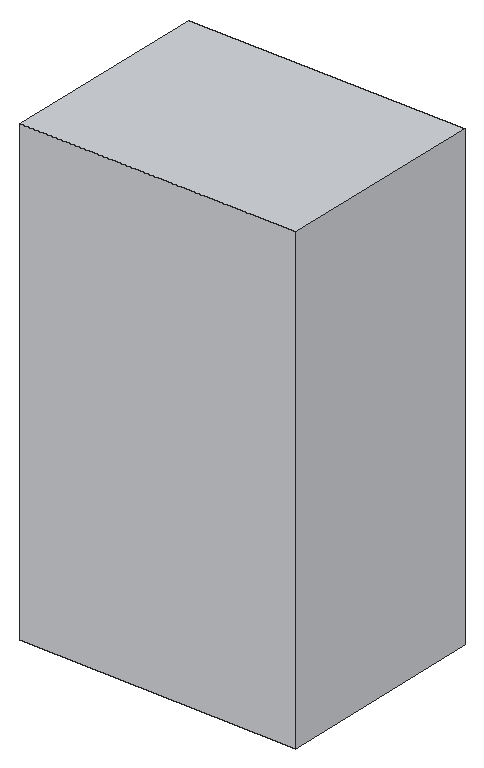
Revit family
Parameters
  Warranty Duration (Years) = 0
  Unit Width [instance] = 1' - 8 177/256"
  Unit Height [instance] = 0' - 9 99/256"
  Unit Depth = 0' - 0"
  URL = "http://www.americanspecialties.com/viewCategories.cfm"
  Trim Material = Metal - Stainless Steel
  Test Data = ""
  Specification = "http://www.arcat.com/sdspecs/htm/10810asi.htm"
  SpecWizard = ""
  Send Message = "http://www.arcat.com/users.pl?action=UserEmail&company=American%20Specialties,%20Inc.&coid=30448&rep=139&fax=914-476-0688&mf="
  Sales Information = "http://www.americanspecialties.com/contact"
  Revision = "R1_10-2010"
  Product Properties = "http://www.americanspecialties.com/datasheets/0353.pdf"
  Product Data = "http://www.arcat.com/arcatcos/cos30/arc30448.html"
  Model = "As Specified in 10 28 13"
  Manufacturer Website = "http://www.americanspecialties.com/viewCategories.cfm"
  Manufacturer Phone - Toll Free = ""
  Manufacturer Phone = "914-476-9000 "
  Manufacturer Fax = "914-476-0688"
  Manufacturer Address = "441 Saw Mill River Rd., Yonkers, NY 10701"
  Manufacturer = "American Specialties, Inc."
  Maintenance Schedule (Months) = 0
  Keynote = "10 28 13"
  Installation-Fabrication = "http://www.americanspecialties.com/products.cfm"
  Green Building-LEED = ""
  Expected Lifespan (Years) = 0
  Drawn By = "Robert S. Weygant. CSI, CDT, SCIP"  # constant formula
  Description = "Toilet Accessory as Specified in 10 28 13"
  Default Elevation = 4' - 0"
  Copyright = "©Arcat Inc."
  Construction Details = "http://www.arcat.com/green/clients/leed_data_30448.html"
  Building Codes = "http://www.americanspecialties.com/products.cfm"
  Body Material = Metal - Stainless Steel
  Assembly Code = "C1030210"
Reference planes (in)
  plane 1 "Center (Front/Back)": y = -0.29112
  plane 2 "Floor Line": z = 0
  plane 3 "Center (Left/Right)": x = -0.65843
  plane 4: z = 52.69336
  plane 5: x = -11.00414
  plane 6: x = 9.68727
  plane 7: z = 48
  plane 8: z = 57.38672
Forms (in)
  Extrusion 1, solid
    sketch origin (-3, -9, -6) x (0, 0, -1) y (1, 0, 0)
      loop
        line (-82, 26) -> (-82, -19.34712) -> (-6, -19.34712) -> (-6, 26) -> (-82, 26)
    from 9 to -25.60721
  Revolve 2, solid, material "Metal - Stainless Steel" <- "Body Material"
    sketch origin (0, -0.29112, 0) x (1, 0, 0) y (0, 0, 1)
      loop
        line (-0.65843, 0) -> (-0.28343, 0) -> (-0.28343, 2.91829) -> (-0.28343, 3.00497) -> (-0.45192, 3.00497) -> (-0.45192, 3.35168) -> (-0.28343, 3.35168) -> (-0.28343, 3.5) -> (-0.65843, 3.5) -> (-0.65843, 0)
      axis (-0.65843, 0) -> (-0.65843, 3.5)
    angle from 0 to 360
  Extrusion 3, solid, material "Metal - Stainless Steel" <- "Body Material"
    sketch origin (0, 0, 0) x (1, 0, 0) y (0, 1, 0)
      loop
        line (-1.09593, -0.29112) -> (-0.87718, -0.67) -> (-0.43968, -0.67) -> (-0.22093, -0.29112) -> (-0.43968, 0.08777) -> (-0.87718, 0.08777) -> (-1.09593, -0.29112)
    from 0 to 0.8948
  Extrusion 4, void
    sketch origin (0, 0, 0) x (1, 0, 0) y (0, 1, 0)
      loop
        circle (-0.65843, -0.29112) r 0.375
    from 0 to 0.8948
  Extrusion 5, solid, material "Metal - Stainless Steel" <- "Trim Material"
    sketch origin (0, 0, 0) x (1, 0, 0) y (0, 1, 0)
      loop
        line (-0.28897, -0.35531) -> (-0.19849, -0.32591) -> (-0.19849, -0.29112) -> (-0.19849, -0.25632) -> (-0.28897, -0.22693)
        arc (-0.28897, -0.22693) -> (-0.28343, -0.29112) -> (-0.28897, -0.35531) r 0.375
    from 1.75662 to 1.86558
Cuts and joins
  Extrusion 4 cuts Revolve 2
  Extrusion 4 cuts Extrusion 3
Dimensions and locks (in)
  equal spacing: plane 8, plane 4, plane 7
  equal spacing: plane 6, plane 3 "Center (Left/Right)", plane 5
  "Unit Width": plane 6 to plane 5
  "Unit Height": plane 8 to plane 7
  "Default Elevation": plane 7 to plane 2 "Floor Line"
  aligned and locked: Extrusion 1 to level
Automatic sketch dimensions
  Extrusion 1 sketch curve to Extrusion 1 sketch curve = 6' - 4"
  Extrusion 1 sketch curve to Extrusion 1 sketch curve = 3' - 9.34712"
  Revolve 2 sketch curve to level = 0' - 0"  (x2)
  Revolve 2 sketch curve to plane 3 "Center (Left/Right)" = 0' - 0"  (x2)
  plane 3 "Center (Left/Right)" to Revolve 2 sketch curve = 0' - 0.20651"
  Revolve 2 sketch curve to Revolve 2 sketch curve = 0' - 0.16849"  (x2)
  Revolve 2 sketch curve to Revolve 2 sketch curve = 0' - 2.91829"
  Revolve 2 sketch curve to Revolve 2 sketch curve = 0' - 0.08668"
  Revolve 2 sketch curve to Revolve 2 sketch curve = 0' - 0.34671"
  Revolve 2 sketch curve to Revolve 2 sketch curve = 0' - 0.14832"
  Revolve 2 sketch curve to Revolve 2 sketch curve = 0' - 0"
  Extrusion 3 sketch curve to plane 1 "Center (Front/Back)" = 0' - 0"  (x2)
  Extrusion 3 sketch curve to plane 3 "Center (Left/Right)" = 0' - 0 7/16"
  Extrusion 3 sketch curve to plane 3 "Center (Left/Right)" = 0' - 0 7/32"  (x2)
  plane 3 "Center (Left/Right)" to Extrusion 3 sketch curve = 0' - 0 7/32"  (x2)
  Extrusion 3 sketch curve to Extrusion 3 sketch curve = 0' - 0 7/32"
  plane 1 "Center (Front/Back)" to Extrusion 3 sketch curve = 0' - 0.37889"
  Extrusion 3 sketch curve to plane 1 "Center (Front/Back)" = 0' - 0.37889"
  Extrusion 4 sketch curve to plane 1 "Center (Front/Back)" = 0' - 0"
  Extrusion 4 sketch curve to plane 3 "Center (Left/Right)" = 0' - 0"
  plane 1 "Center (Front/Back)" to Extrusion 5 sketch curve = 0' - 0.06419"
  Extrusion 5 sketch curve to Extrusion 5 sketch curve = 0' - 0.0294"
  Extrusion 5 sketch curve to Extrusion 5 sketch curve = 0' - 0.03479"  (x2)
  Extrusion 5 sketch curve to plane 1 "Center (Front/Back)" = 0' - 0"
  plane 3 "Center (Left/Right)" to Extrusion 5 sketch curve = 0' - 0"
  Extrusion 5 sketch curve to Extrusion 5 sketch curve = 0' - 0.36947"
  Extrusion 5 sketch curve to Extrusion 5 sketch curve = 0' - 0.09047"
  Extrusion 5 sketch curve to Extrusion 5 sketch curve = 0' - 0"
  radius of Extrusion 4 sketch curve = 0' - 0 3/8"
